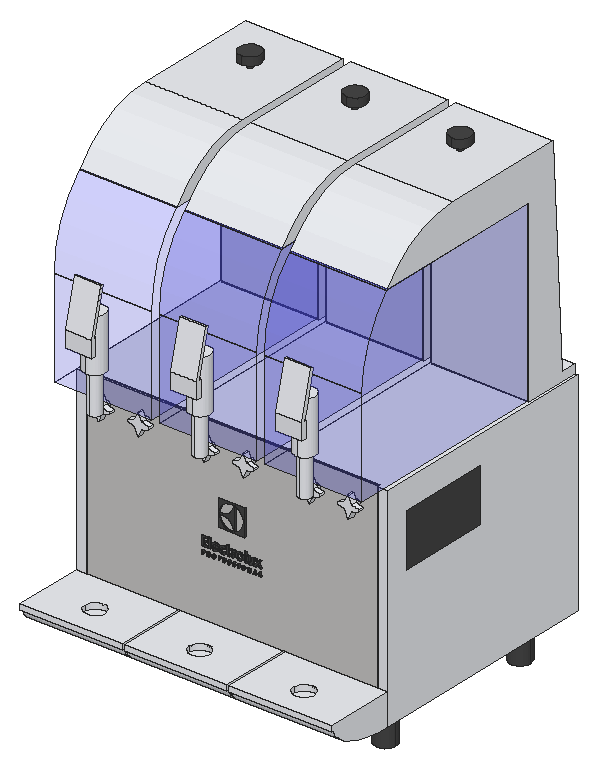
Revit family "QF_ELECTROLUXPROFESSIONAL_562538_IPRO3EUVR290", category Attrezzature speciali, Revit 2020
Family settings
  Quota connettore circolare = Usa diametro
  Tipo di parte = Normale
  Basato su piano di lavoro = No
  Sempre verticale = Sì
  Taglio con vuoti quando caricato = No
  Condiviso = No
  Punto di calcolo locali = No
Parameters (values of type "Standard")
  Weight = 81.00 kg
  Watts = 1450 W
  Volts = 220 V
  URL Manufacturer = "https://www.electroluxprofessional.com/"
  URL = "https://www.electroluxprofessional.com/"
  Steam Supply Size = 0 mm
  Steam Supply Minimum Pressure = 0.0 Pa
  Steam Supply Maximum Pressure = 0.0 Pa
  Steam Consumption per Hour = 0
  Show Logo [instance] = yes
  Show Clearance [instance] = yes
  Refrigeration Suction Line Size = 0 mm
  Refrigeration Liquid Line Size = 0 mm
  Refrigerant Compressor Remote = yes
  Prospetto di default = 0 mm
  Produttore = "Electrolux Professional"
  Phase = 1
  Modello = "IPRO3EUVR290"
  Length Actual = 600 mm  # constant formula
  Item Number = "562538"
  Hot Water Size = 0 mm
  Height Actual = 870 mm  # constant formula
  HP = "1.9 HP"
  Gas Size = 0 mm
  Gas KW = 0
  Gas Input Pressure = 0 W
  Direct Waste Size = 0 mm
  Descrizione = "3X11 LT BOWL - FROZEN GRANITA DISPENSER - ELECTRONIC CONTROL - 3 INSULATED BOWLS - UV LIGHT, R290"
  Depth Actual = 580 mm  # constant formula
  Cycle = 50 Hz
  Condensate Return Size = 0 mm
  Compressed Air Volume = 0.0 L/s
  Compressed Air Size = 0 mm
  Compressed Air Pressure = 0.0 Pa
  Cold Water Size = 0 mm
  Accessory = yes
Reference planes
  plane 1: z = 0
  plane 2 "LEFT": x = -300
  plane 3 "BACK": y = 282.5
  plane 4 "FRONT": y = -301.5
  plane 5: z = 873
  plane 6 "RIGHT": x = 300
  plane 7: y = -282.5
  plane 8: z = 445
  plane 9: z = 677.97
  plane 10: z = 110
  plane 11: z = 900
  plane 12: x = -0.5
  plane 13: x = -0.5
Forms (mm)
  Extrusion 1, solid, material "QF_Finishes_White"
    sketch origin (0, 0, 0) x (1, 0, 0) y (0, 1, 0)
      loop
        line (-296.5, 282.5) -> (-296.5, -167.5) -> (-276.5, -167.5) -> (-276.5, -162.5) -> (276.5, -162.5) -> (276.5, -167.5) -> (296.5, -167.5) -> (296.5, 282.5) -> (-296.5, 282.5)
    from 50 to 453
  Extrusion 2, solid, material "QF_Finishes_Stainless Steel"
    sketch origin (0, 0, 0) x (1, 0, 0) y (0, 1, 0)
      loop
        line (276, -163) -> (-276, -163) -> (-276, -167.5) -> (276, -167.5) -> (276, -163)
    from 110 to 453
  Extrusion 3, solid, material "QF_Finishes_Stainless Steel"
    sketch origin (-151.596, -267.273, 48) x (0, -1, 0) y (1, 0, 0)
      loop
        line (-163.023, 407.596) -> (-163.023, 427.596) -> (-183.023, 427.596) -> (-183.023, 407.596) -> (-163.023, 407.596)
    from 0 to 2
Dimensions and locks
  plane 3 "BACK" to plane 4 "FRONT" = 584 mm  (x2)
  plane 5 to level = 873 mm  (x2)
  plane 2 "LEFT" to plane 6 "RIGHT" = 600 mm
  plane 3 "BACK" to plane 7 = 565 mm
  plane 9 to plane 8 = 232.97 mm
  level to plane 11 = 900 mm
  plane 10 to level = 110 mm
  plane 8 to plane 10 = 335 mm
  plane 6 "RIGHT" to plane 2 "LEFT" = 600 mm
  plane 2 "LEFT" to plane 12 = 299.5 mm
  plane 2 "LEFT" to plane 13 = 299.5 mm
  nested 5 to nested 9 = 200 mm
  nested 9 to nested 17 = 200 mm
  aligned and locked: level to plane 1
Nested families
  nested 1: "BOCCHETTONE BEVERAGE" at (-200.5, -260.625, 445), type "BOCCHETTONE BEVERAGE"
  nested 2: "MANOPOLA BEVERAGE" at (-238, -167.5, 413) x (0, 0, 1) z (0, -1, 0), type "MANOPOLA BEVERAGE"
  nested 3: "MANOPOLA BEVERAGE" at (-163, -167.5, 413) x (0, 0, 1) z (0, -1, 0), type "MANOPOLA BEVERAGE"
  nested 4: "MANOPOLA APERTURA BEVERAGE " at (-200.5, 125, 873) x (0, 1, 0) z (0, 0, 1), type "MANOPOLA APERTURA BEVERAGE "
  nested 5: "PORTAGRANITE BEVERAGE" at (-200.5, 28.972, 453), type "PORTAGRANITE BEVERAGE"
  nested 6: "VASCHETTA BEVERAGE" at (-199.25, -167.5, 80) x (1, 0, 0) z (0, -1, 0), type "VASCHETTA BEVERAGE"
  nested 7: "VASCHETTA BEVERAGE" at (-0.5, -167.5, 80) x (-1, 0, 0) z (0, -1, 0), type "VASCHETTA BEVERAGE"
  nested 8: "MANOPOLA APERTURA BEVERAGE " at (-0.5, 125, 873) x (0, 1, 0) z (0, 0, 1), type "MANOPOLA APERTURA BEVERAGE "
  nested 9: "PORTAGRANITE BEVERAGE" at (-0.5, 28.972, 453) x (-1, 0, 0) z (0, 0, 1), type "PORTAGRANITE BEVERAGE"
  nested 10: "BOCCHETTONE BEVERAGE" at (-0.5, -260.625, 445), type "BOCCHETTONE BEVERAGE"
  nested 11: "MANOPOLA BEVERAGE" at (-38, -167.5, 413) x (0, 0, 1) z (0, -1, 0), type "MANOPOLA BEVERAGE"
  nested 12: "MANOPOLA BEVERAGE" at (37, -167.5, 413) x (0, 0, 1) z (0, -1, 0), type "MANOPOLA BEVERAGE"
  nested 13: "BOCCHETTONE BEVERAGE" at (199.5, -260.625, 445) x (-1, 0, 0) z (0, 0, 1), type "BOCCHETTONE BEVERAGE"
  nested 14: "MANOPOLA BEVERAGE" at (237, -167.5, 413) x (0, 0, 1) z (0, -1, 0), type "MANOPOLA BEVERAGE"
  nested 15: "MANOPOLA BEVERAGE" at (162, -167.5, 413) x (0, 0, 1) z (0, -1, 0), type "MANOPOLA BEVERAGE"
  nested 16: "MANOPOLA APERTURA BEVERAGE " at (199.5, 125, 873) x (0, 1, 0) z (0, 0, 1), type "MANOPOLA APERTURA BEVERAGE "
  nested 17: "PORTAGRANITE BEVERAGE" at (199.5, 28.972, 453) x (-1, 0, 0) z (0, 0, 1), type "PORTAGRANITE BEVERAGE"
  nested 18: "VASCHETTA BEVERAGE" at (198.25, -167.5, 80) x (-1, 0, 0) z (0, -1, 0), type "VASCHETTA BEVERAGE"
  nested 19: "ELXP_LOGO_ONLY_MEDIUM" at (-0.5, -167.5, 303) x (1, 0, 0) z (0, -1, 0), Show Logo <- "Show Logo", visible <- "Show Logo", type "ELXP_LOGO_ONLY_MEDIUM"
    with Show Logo yes
  nested 20: "ELX_LOGO_WORDS_MEDIUM" at (-0.5, -167.5, 238) x (1, 0, 0) z (0, -1, 0), visible <- "Show Logo", Show Logo <- "Show Logo", type "ELX_LOGO_WORDS_MEDIUM"
    with Show Logo yes
  nested 21: "Piedino 50x40 BEVERAGE" at (-266, 184.5, 0), type "Piedino 50x40 BEVERAGE"
    with H 150 mm
  nested 22: "Piedino 50x40 BEVERAGE" at (-266, -135.5, 0), type "Piedino 50x40 BEVERAGE"
    with H 150 mm
  nested 23: "Piedino 50x40 BEVERAGE" at (266, 184.5, 0), type "Piedino 50x40 BEVERAGE"
    with H 150 mm
  nested 24: "Piedino 50x40 BEVERAGE" at (266, -135.5, 0), type "Piedino 50x40 BEVERAGE"
    with H 150 mm
  nested 25: "SCHERMO BEVERAGE" at (296.5, -38, 350) x (0, -1, 0) z (1, 0, 0), type "SCHERMO BEVERAGE"
    with Show Logo yes
Connectors
  electrical at (266, -94.25, 48), driven by "Volts"
    settings: on Extrusion 3, index 73, voltage 220 V, apparent load 0 VA, apparent load phase1 0 VA, apparent load phase2 0 VA, apparent load phase3 0 VA, power factor 1, load classification "Altro", number of poles 1, system type 30, power factor state 1, is connector primary yes, connector utility no, sub classification motor no, connector description "Electrical Connection"
Definition of nested family "BOCCHETTONE BEVERAGE"
  Parameters (values of type "BOCCHETTONE BEVERAGE")
    Default Elevation = 1219.2 mm
  Reference planes
    plane 1 "Centro (Fronte/Retro)": y = 0
    plane 2: z = 0
    plane 3 "Centro (Sinistra/Destra)": x = 0
    plane 4: z = 233
    plane 5: y = -22
  Forms (mm)
    Extrusion 1, solid
      sketch origin (0, 0, 0) x (1, 0, 0) y (0, 1, 0)
        loop
          line (-1219.2, 1219.2) -> (-1219.2, -1219.2) -> (1219.2, -1219.2) -> (1219.2, 1219.2) -> (-1219.2, 1219.2)
      from 0 to -304.8
    Extrusion 2, solid
      sketch origin (0, 15.961, 0) x (0, -1, 0) y (1, 0, 0)
        loop
          circle (0, 0) r 12
      from 0 to 75
    Extrusion 3, solid
      sketch origin (0, 15.961, 75) x (0, -1, 0) y (1, 0, 0)
        loop
          circle (0, 0) r 20
      from 0 to 100
    Extrusion 4, void
      sketch origin (0, 0, 0) x (1, 0, 0) y (0, 1, 0)
        loop
          line (-27.179, -16.141) -> (-21.226, -10.188) -> (-6.226, -10.188) -> (-6.226, 12.684) -> (-27.179, 12.684) -> (-27.179, -16.141)
        loop
          line (27.179, -16.141) -> (27.179, 12.684) -> (6.226, 12.684) -> (6.226, -10.188) -> (21.226, -10.188) -> (27.179, -16.141)
      from 104.337 to 159.894
    Extrusion 5, solid
      sketch origin (25, 15.961, 29.221) x (0, -1, 0) y (0, 0, 1)
        loop
          line (11.922, 118.779) -> (11.922, 88.779) -> (37.961, 88.779) -> (37.961, 119.393) -> (16.929, 203.749) -> (12.077, 202.539) -> (32.961, 118.779) -> (11.922, 118.779)
      from 0 to 50
  Cuts and joins
    Extrusion 4 cuts Extrusion 5
    joined: Extrusion 3, Extrusion 5
  Dimensions and locks
    Extrusion 1 to plane 4 = 233 mm
    aligned and locked: plane 2 to Extrusion 1
    aligned and locked: level to Extrusion 1
Definition of nested family "MANOPOLA BEVERAGE"
  Parameters (values of type "MANOPOLA BEVERAGE")
    Default Elevation = 1219.2 mm
  Reference planes
    plane 1 "Centro (Fronte/Retro)": y = 0
    plane 2: z = 0
    plane 3 "Centro (Sinistra/Destra)": x = 0
    plane 4: z = 20
  Forms (mm)
    Extrusion 1, solid
      sketch origin (0, 0, 0) x (1, 0, 0) y (0, 1, 0)
        loop
          line (-1219.2, 1219.2) -> (-1219.2, -1219.2) -> (1219.2, -1219.2) -> (1219.2, 1219.2) -> (-1219.2, 1219.2)
      from 0 to -304.8
    Extrusion 2, solid
      sketch origin (0, 0, 10) x (1, 0, 0) y (0, 1, 0)
        loop
          line (-20, -1.333) -> (-6.314, -6.314) -> (-1.333, -20) -> (1.333, -20) -> (6.314, -6.314) -> (20, -1.333) -> (20, 1.333) -> (6.314, 6.314) -> (1.333, 20) -> (-1.333, 20) -> (-6.314, 6.314) -> (-20, 1.333) -> (-20, -1.333)
      from 0 to 10
    Extrusion 3, solid
      sketch origin (0, 0, 0) x (1, 0, 0) y (0, 1, 0)
        loop
          circle (0, 0) r 5
      from 0 to 10
  Dimensions and locks
    aligned and locked: plane 2 to Extrusion 1
    aligned and locked: level to Extrusion 1
Definition of nested family "MANOPOLA APERTURA BEVERAGE "
  Parameters (values of type "MANOPOLA APERTURA BEVERAGE ")
    Default Elevation = 1219.2 mm
  Reference planes
    plane 1 "Centro (Fronte/Retro)": y = 0
    plane 2: z = 0
    plane 3 "Centro (Sinistra/Destra)": x = 0
    plane 4: z = 27
  Forms (mm)
    Extrusion 1, solid
      sketch origin (0, 0, 0) x (1, 0, 0) y (0, 1, 0)
        loop
          line (-1219.2, 1219.2) -> (-1219.2, -1219.2) -> (1219.2, -1219.2) -> (1219.2, 1219.2) -> (-1219.2, 1219.2)
      from 0 to -304.8
    Extrusion 2, solid
      sketch origin (0, 0, 0) x (1, 0, 0) y (0, 1, 0)
        loop
          circle (0, 0) r 5
      from 0 to 12
    Extrusion 3, solid
      sketch origin (0, 0, 12) x (1, 0, 0) y (0, 1, 0)
        loop
          circle (0, 0) r 20
      from 0 to 15
  Dimensions and locks
    Extrusion 1 to plane 4 = 27 mm
    aligned and locked: plane 2 to Extrusion 1
    aligned and locked: level to Extrusion 1
Definition of nested family "PORTAGRANITE BEVERAGE"
  Parameters (values of type "PORTAGRANITE BEVERAGE")
    Default Elevation = 1219.2 mm
  Reference planes
    plane 1 "Centro (Fronte/Retro)": y = 0
    plane 2: z = 0
    plane 3 "Centro (Sinistra/Destra)": x = 0
    plane 4: z = 233
    plane 5: y = -36.472
    plane 6: z = 338
  Forms (mm)
    Extrusion 1, solid
      sketch origin (0, 0, 0) x (1, 0, 0) y (0, 1, 0)
        loop
          line (-1219.2, 1219.2) -> (-1219.2, -1219.2) -> (1219.2, -1219.2) -> (1219.2, 1219.2) -> (-1219.2, 1219.2)
      from 0 to -304.8
    Extrusion 2, solid
      sketch origin (-92.5, -28.972, -376) x (0, 1, 0) y (0, 0, 1)
        loop
          line (172.5, 716) -> (172.5, 376) -> (282.5, 376) -> (282.5, 393) -> (251.241, 393) -> (230.12, 796) -> (-7.5, 796)
          arc (-7.5, 796) -> (-94.678, 774.819) -> (-162.419, 716) r 190
          line (-162.419, 716) -> (172.5, 716)
      from 0 to 185
    Extrusion 3, solid
      sketch origin (-100, -28.972, -376) x (0, 1, 0) y (0, 0, 1)
        loop
          line (170.5, 378) -> (170.5, 714) -> (-164.355, 714)
          arc (-164.355, 714) -> (-209.023, 644.734) -> (-224.664, 563.812) r 217.164
          line (-224.664, 563.812) -> (-224.664, 378) -> (170.5, 378)
      from 7.5 to 192.5
  Dimensions and locks
    Extrusion 1 to plane 4 = 233 mm
    aligned and locked: plane 2 to Extrusion 1
    aligned and locked: level to Extrusion 1
Definition of nested family "VASCHETTA BEVERAGE"
  Parameters (values of type "VASCHETTA BEVERAGE")
    Default Elevation = 1219.2 mm
  Reference planes
    plane 1 "Centro (Fronte/Retro)": y = 0
    plane 2: z = 0
    plane 3 "Centro (Sinistra/Destra)": x = 0
  Forms (mm)
    Extrusion 1, solid
      sketch origin (0, 0, 0) x (1, 0, 0) y (0, 1, 0)
        loop
          line (-1219.2, 1219.2) -> (-1219.2, -1219.2) -> (1219.2, -1219.2) -> (1219.2, 1219.2) -> (-1219.2, 1219.2)
      from 0 to -304.8
    Extrusion 2, solid
      sketch origin (-97.5, -80, -167.5) x (0, 0, -1) y (0, 1, 0)
        loop
          line (-167.5, 110) -> (-301.5, 110) -> (-301.5, 100) -> (-296.403, 100)
          spline (-296.403, 100) -> (-294.717, 93.399) -> (-290.961, 86.937) -> (-285.195, 80.722) -> (-277.513, 74.853) -> (-268.041, 69.426) -> (-256.932, 64.529) -> (-244.367, 60.243) -> (-230.551, 56.637) -> (-215.709, 53.769) -> (-200.082, 51.686) -> (-183.925, 50.423) -> (-167.5, 50)
          line (-167.5, 50) -> (-167.5, 110)
      from 0 to 195
    Extrusion 3, void
      sketch origin (202.5, -80, -167.5) x (1, 0, 0) y (0, 0, -1)
        loop
          circle (-202.5, -244.664) r 20
      from 100 to 110
  Cuts and joins
    Extrusion 3 cuts Extrusion 2
  Dimensions and locks
    aligned and locked: plane 2 to Extrusion 1
    aligned and locked: level to Extrusion 1
Definition of nested family "ELXP_LOGO_ONLY_MEDIUM"
  Parameters (values of type "ELXP_LOGO_ONLY_MEDIUM")
    Show Logo [instance] = yes
    Default Elevation = 0 mm
  Reference planes
    plane 1 "Centro (Fronte/Retro)": y = 0
    plane 2: z = 0
    plane 3 "Centro (Sinistra/Destra)": x = 0
  Forms (mm)
    Extrusion 1, solid
      sketch origin (0, 0, 0) x (1, 0, 0) y (0, 1, 0)
        loop
          line (-1219.2, 1219.2) -> (-1219.2, -1219.2) -> (1219.2, -1219.2) -> (1219.2, 1219.2) -> (-1219.2, 1219.2)
      from 0 to -304.8
    Extrusion 2, solid, visible <- "Show Logo"
      sketch origin (15.862, -72.798, 0) x (1, 0, 0) y (0, 1, 0)
        loop
          line (-40.901, 47.952) -> (9.138, 47.952) -> (9.138, 97.923) -> (-40.901, 97.923) -> (-40.901, 47.952)
        loop
          line (-9.2, 95.47) -> (-9.2, 50.507)
          arc (-9.2, 50.507) -> (7.421, 72.988) -> (-9.2, 95.47) r 23.515
        loop
          line (-11.486, 92.214) -> (-11.486, 95.47)
          arc (-11.486, 95.47) -> (-30.185, 91.22) -> (-39.194, 74.292) r 23.044
          line (-39.194, 74.292) -> (-31.756, 74.292)
          arc (-31.756, 74.292) -> (-18.467, 79.686) -> (-11.486, 92.214) r 21.599
        loop
          arc (-39.194, 71.685) -> (-30.2, 54.618) -> (-11.486, 49.93) r 23.647
          line (-11.486, 49.93) -> (-11.486, 53.763)
          arc (-11.486, 53.763) -> (-18.467, 66.291) -> (-31.756, 71.685) r 21.599
          line (-31.756, 71.685) -> (-39.194, 71.685)
      from 0 to 1.644
  Dimensions and locks
    aligned and locked: plane 2 to Extrusion 1
    aligned and locked: level to Extrusion 1
Definition of nested family "ELX_LOGO_WORDS_MEDIUM"
  Parameters (values of type "ELX_LOGO_WORDS_MEDIUM")
    Show Logo [instance] = yes
    Default Elevation = 0 mm
  Reference planes
    plane 1 "Centro (Fronte/Retro)": y = 0
    plane 2: z = 0
    plane 3 "Centro (Sinistra/Destra)": x = 0
  Forms (mm)
    Extrusion 1, solid
      sketch origin (0, 0, 0) x (1, 0, 0) y (0, 1, 0)
        loop
          line (-1219.2, 1219.2) -> (-1219.2, -1219.2) -> (1219.2, -1219.2) -> (1219.2, 1219.2) -> (-1219.2, 1219.2)
      from 0 to -304.8
    Extrusion 2, solid, visible <- "Show Logo"
      sketch origin (0, 0, 0) x (1, 0, 0) y (0, 1, 0)
        loop
          line (-45.351, 15.842) -> (-56.505, 15.842) -> (-56.505, 2.853)
          arc (-56.505, 2.853) -> (-55.037, -0.691) -> (-51.493, -2.159) r 5.012
          line (-51.493, -2.159) -> (-45.135, -2.159) -> (-45.135, 0.755) -> (-50.767, 0.755)
          arc (-50.767, 0.755) -> (-52.618, 1.38) -> (-53.406, 3.168) r 2.423
          line (-53.406, 3.168) -> (-53.406, 5.743) -> (-45.833, 5.743) -> (-45.833, 8.668) -> (-53.406, 8.668) -> (-53.406, 12.925) -> (-45.351, 12.925) -> (-45.351, 15.842)
        loop
          line (-42.933, 15.842) -> (-42.933, -2.159) -> (-39.832, -2.159) -> (-39.832, 15.842) -> (-42.933, 15.842)
        loop
          line (24.405, 15.842) -> (24.405, -2.159) -> (27.508, -2.159) -> (27.508, 15.842) -> (24.405, 15.842)
        loop
          line (-34.705, 3.589) -> (-24.531, 3.589)
          arc (-24.531, 3.589) -> (-26.123, 9.178) -> (-31.565, 11.217) r 6.447
          arc (-31.565, 11.217) -> (-36.358, 8.786) -> (-37.726, 3.589) r 6.56
          arc (-37.726, 3.589) -> (-35.926, -0.757) -> (-31.58, -2.557) r 6.146
          arc (-31.58, -2.557) -> (-28.198, -2.058) -> (-25.362, -0.149) r 7.726
          line (-25.362, -0.149) -> (-27.199, 1.688)
          arc (-27.199, 1.688) -> (-29.61, 0.242) -> (-32.411, 0.485) r 4.558
          arc (-32.411, 0.485) -> (-34.119, 1.622) -> (-34.705, 3.589) r 3.019
        loop
          line (-34.628, 5.769) -> (-27.646, 5.769)
          arc (-27.646, 5.769) -> (-28.626, 7.83) -> (-30.779, 8.59) r 2.974
          arc (-30.779, 8.59) -> (-33.263, 7.943) -> (-34.628, 5.769) r 3.481
        loop
          line (-12.445, 7.067) -> (-10.499, 9.013)
          arc (-10.499, 9.013) -> (-12.94, 10.78) -> (-15.907, 11.309) r 6.746
          arc (-15.907, 11.309) -> (-20.432, 9.655) -> (-22.806, 5.463) r 6.977
          arc (-22.806, 5.463) -> (-18.803, -1.885) -> (-10.608, -0.191) r 7.026
          line (-10.608, -0.191) -> (-12.544, 1.745)
          arc (-12.544, 1.745) -> (-16.723, 0.362) -> (-19.717, 3.589) r 4.071
          arc (-19.717, 3.589) -> (-19.509, 6.14) -> (-17.752, 8.002) r 3.867
          arc (-17.752, 8.002) -> (-14.941, 8.431) -> (-12.445, 7.067) r 4.442
        loop
          line (-8.594, 15.842) -> (-8.594, 3.541)
          arc (-8.594, 3.541) -> (-8.326, 1.695) -> (-7.635, -0.038) r 7.951
          arc (-7.635, -0.038) -> (-5.422, -1.797) -> (-2.62, -2.167) r 5.297
          line (-2.62, -2.167) -> (-2.62, 0.738)
          arc (-2.62, 0.738) -> (-3.453, 0.802) -> (-4.23, 1.109) r 2.792
          arc (-4.23, 1.109) -> (-5.227, 2.163) -> (-5.494, 3.589) r 2.57
          line (-5.494, 3.589) -> (-5.494, 8.043) -> (-2.678, 8.043) -> (-2.678, 10.86) -> (-5.494, 10.86) -> (-5.494, 15.842) -> (-8.594, 15.842)
        loop
          arc (3.006, 4.684) -> (3.228, 5.982) -> (3.868, 7.133) r 3.911
          arc (3.868, 7.133) -> (5.725, 8.086) -> (7.812, 8.043) r 4.26
          line (7.812, 8.043) -> (7.812, 11.023)
          arc (7.812, 11.023) -> (5.085, 10.766) -> (3.006, 8.983) r 4.524
          line (3.006, 8.983) -> (3.006, 10.86) -> (-0.069, 10.86) -> (-0.069, -2.159) -> (3.006, -2.159) -> (3.006, 4.684)
        loop
          circle (15.393, 4.348) r 6.899
        loop
          circle (15.393, 4.348) r 4.181
        loop
          arc (38.69, 3.262) -> (37.924, 1.158) -> (35.848, 0.319) r 2.752
          arc (35.848, 0.319) -> (33.771, 1.158) -> (33.005, 3.262) r 2.752
          line (33.005, 3.262) -> (33.005, 10.859) -> (29.879, 10.859) -> (29.879, 3.004)
          arc (29.879, 3.004) -> (31.658, -1.052) -> (35.848, -2.489) r 5.512
          arc (35.848, -2.489) -> (40.084, -1.008) -> (41.815, 3.132) r 5.512
          line (41.815, 3.132) -> (41.815, 10.859) -> (38.69, 10.859) -> (38.69, 3.262)
        loop
          line (43.689, 10.859) -> (48.192, 4.746) -> (43.245, -2.164) -> (46.578, -2.164) -> (49.861, 2.422) -> (53.193, -2.164) -> (56.505, -2.164) -> (51.629, 4.817) -> (56.087, 10.859) -> (52.703, 10.859) -> (49.851, 6.995) -> (47.043, 10.859) -> (43.689, 10.859)
        loop
          line (-53.813, -9.621) -> (-56.285, -9.621) -> (-56.285, -15.847) -> (-54.932, -15.847) -> (-54.932, -13.703) -> (-53.437, -13.703)
          arc (-53.437, -13.703) -> (-51.764, -11.49) -> (-53.813, -9.621) r 2.058
        loop
          arc (-53.496, -12.48) -> (-52.984, -11.679) -> (-53.496, -10.879) r 0.881
          line (-53.496, -10.879) -> (-54.932, -10.879) -> (-54.932, -12.48) -> (-53.496, -12.48)
        loop
          line (-44.045, -9.621) -> (-46.56, -9.621) -> (-46.56, -15.847) -> (-45.207, -15.847) -> (-45.207, -13.703) -> (-43.898, -13.703) -> (-43.003, -15.847) -> (-41.55, -15.847) -> (-42.774, -13.222)
          arc (-42.774, -13.222) -> (-42.188, -12.521) -> (-41.991, -11.628) r 1.922
          arc (-41.991, -11.628) -> (-42.609, -10.206) -> (-44.045, -9.621) r 2.055
        loop
          line (-45.207, -10.879) -> (-45.207, -12.48) -> (-43.771, -12.48)
          arc (-43.771, -12.48) -> (-43.258, -11.679) -> (-43.771, -10.879) r 0.881
          line (-43.771, -10.879) -> (-45.207, -10.879)
        loop
          circle (-33.602, -12.734) r 3.233
        loop
          circle (-33.602, -12.734) r 2.052
        loop
          line (-25.054, -9.622) -> (-25.054, -15.847) -> (-23.734, -15.847) -> (-23.734, -13.671) -> (-21.392, -13.671) -> (-21.392, -12.276) -> (-23.734, -12.276) -> (-23.734, -10.963) -> (-21.167, -10.963) -> (-21.167, -9.622) -> (-25.054, -9.622)
        loop
          line (-15.917, -9.622) -> (-15.917, -13.825)
          arc (-15.917, -13.825) -> (-15.343, -15.249) -> (-13.926, -15.842) r 1.991
          line (-13.926, -15.842) -> (-11.917, -15.842) -> (-11.917, -14.666) -> (-13.806, -14.666)
          arc (-13.806, -14.666) -> (-14.501, -14.091) -> (-14.638, -13.198) r 1.267
          line (-14.638, -13.198) -> (-12.15, -13.198) -> (-12.15, -12.023) -> (-14.638, -12.023) -> (-14.638, -10.797) -> (-11.977, -10.797) -> (-11.977, -9.622) -> (-15.917, -9.622)
        loop
          arc (6.626, -10.41) -> (5.801, -9.733) -> (4.757, -9.518) r 2.228
          arc (4.757, -9.518) -> (3.792, -9.755) -> (2.999, -10.352) r 2.468
          arc (2.999, -10.352) -> (2.853, -11.766) -> (3.765, -12.856) r 1.825
          arc (3.765, -12.856) -> (4.531, -13.112) -> (5.259, -13.464) r 6.301
          arc (5.259, -13.464) -> (5.719, -14.005) -> (5.402, -14.641) r 0.645
          arc (5.402, -14.641) -> (4.814, -14.78) -> (4.228, -14.631) r 1.269
          arc (4.228, -14.631) -> (3.722, -14.266) -> (3.412, -13.725) r 1.474
          line (3.412, -13.725) -> (2.324, -14.233)
          arc (2.324, -14.233) -> (2.716, -14.99) -> (3.348, -15.561) r 2.393
          arc (3.348, -15.561) -> (4.065, -15.867) -> (4.841, -15.945) r 2.579
          arc (4.841, -15.945) -> (5.8, -15.754) -> (6.664, -15.295) r 3.369
          arc (6.664, -15.295) -> (7.045, -14.28) -> (6.848, -13.214) r 2.023
          arc (6.848, -13.214) -> (6.423, -12.723) -> (5.879, -12.368) r 2.346
          arc (5.879, -12.368) -> (5.19, -12.061) -> (4.485, -11.796) r 12.353
          arc (4.485, -11.796) -> (4.077, -11.162) -> (4.666, -10.692) r 0.562
          arc (4.666, -10.692) -> (5.372, -10.862) -> (5.915, -11.344) r 1.497
          line (5.915, -11.344) -> (6.626, -10.41)
        loop
          line (12.337, -9.622) -> (12.337, -15.842) -> (13.616, -15.842) -> (13.616, -9.622) -> (12.337, -9.622)
        loop
          circle (22.24, -12.732) r 1.935
        loop
          circle (22.24, -12.732) r 3.231
        loop
          line (30.821, -15.842) -> (32.114, -15.842) -> (32.114, -11.931) -> (34.96, -15.842) -> (36.203, -15.842) -> (36.203, -9.622) -> (34.911, -9.622) -> (34.911, -13.651) -> (32.065, -9.622) -> (30.821, -9.622) -> (30.821, -15.842)
        loop
          line (42.652, -15.842) -> (43.258, -14.5) -> (45.559, -14.5) -> (46.165, -15.842) -> (47.54, -15.842) -> (44.912, -9.622) -> (43.712, -9.622) -> (41.279, -15.842) -> (42.652, -15.842)
        loop
          line (44.985, -13.224) -> (44.369, -11.857) -> (43.77, -13.224) -> (44.985, -13.224)
        loop
          line (53.893, -14.666) -> (53.893, -9.622) -> (52.614, -9.622) -> (52.614, -15.842) -> (56.285, -15.842) -> (56.285, -14.666) -> (53.893, -14.666)
        loop
          arc (-2.701, -10.41) -> (-3.525, -9.733) -> (-4.57, -9.518) r 2.228
          arc (-4.57, -9.518) -> (-5.534, -9.755) -> (-6.327, -10.352) r 2.468
          arc (-6.327, -10.352) -> (-6.473, -11.766) -> (-5.562, -12.856) r 1.825
          arc (-5.562, -12.856) -> (-4.795, -13.112) -> (-4.067, -13.464) r 6.301
          arc (-4.067, -13.464) -> (-3.608, -14.005) -> (-3.924, -14.641) r 0.645
          arc (-3.924, -14.641) -> (-4.512, -14.78) -> (-5.098, -14.631) r 1.269
          arc (-5.098, -14.631) -> (-5.604, -14.266) -> (-5.914, -13.725) r 1.474
          line (-5.914, -13.725) -> (-7.002, -14.233)
          arc (-7.002, -14.233) -> (-6.61, -14.99) -> (-5.978, -15.561) r 2.393
          arc (-5.978, -15.561) -> (-5.261, -15.867) -> (-4.485, -15.945) r 2.579
          arc (-4.485, -15.945) -> (-3.526, -15.754) -> (-2.663, -15.295) r 3.369
          arc (-2.663, -15.295) -> (-2.281, -14.28) -> (-2.478, -13.214) r 2.023
          arc (-2.478, -13.214) -> (-2.903, -12.723) -> (-3.448, -12.368) r 2.346
          arc (-3.448, -12.368) -> (-4.136, -12.061) -> (-4.842, -11.796) r 12.353
          arc (-4.842, -11.796) -> (-5.249, -11.162) -> (-4.66, -10.692) r 0.562
          arc (-4.66, -10.692) -> (-3.954, -10.862) -> (-3.412, -11.344) r 1.497
          line (-3.412, -11.344) -> (-2.701, -10.41)
      from 0 to 1.644
  Dimensions and locks
    aligned and locked: plane 2 to Extrusion 1
    aligned and locked: level to Extrusion 1
Definition of nested family "Piedino 50x40 BEVERAGE"
  Parameters (values of type "Piedino 50x40 BEVERAGE")
    Default Elevation = 0 mm
    H [instance] = 150 mm
  Reference planes
    plane 1 "Centro (Fronte/Retro)": y = 0
    plane 2: z = 0
    plane 3 "Centro (Sinistra/Destra)": x = 0
  Forms (mm)
    Revolve 1, solid
      sketch origin (55, 0, 0) x (-1, 0, 0) y (0, 0, -1)
        loop
          line (55, 0) -> (35, 0) -> (35, -50) -> (55, -50) -> (55, 0)
        axis (55, 0) -> (55, -50)
      angle from 0 to 360
  Dimensions and locks
    aligned and locked: level to plane 2
Definition of nested family "SCHERMO BEVERAGE"
  Parameters (values of type "SCHERMO BEVERAGE")
    Show Logo [instance] = yes
    Default Elevation = 1219.2 mm
  Reference planes
    plane 1 "Centro (Fronte/Retro)": y = 0
    plane 2: z = 0
    plane 3 "Centro (Sinistra/Destra)": x = 0
  Forms (mm)
    Extrusion 1, solid
      sketch origin (0, 0, 0) x (1, 0, 0) y (0, 1, 0)
        loop
          line (-1219.2, 1219.2) -> (-1219.2, -1219.2) -> (1219.2, -1219.2) -> (1219.2, 1219.2) -> (-1219.2, 1219.2)
      from 0 to -304.8
    Extrusion 2, solid
      sketch origin (118.389, -572.596, 0) x (-1, 0, 0) y (0, -1, 0)
        loop
          line (205.889, -622.596) -> (205.889, -522.596) -> (30.889, -522.596) -> (30.889, -622.596) -> (205.889, -622.596)
      from 0 to 1
  Dimensions and locks
    aligned and locked: plane 2 to Extrusion 1
    aligned and locked: level to Extrusion 1
